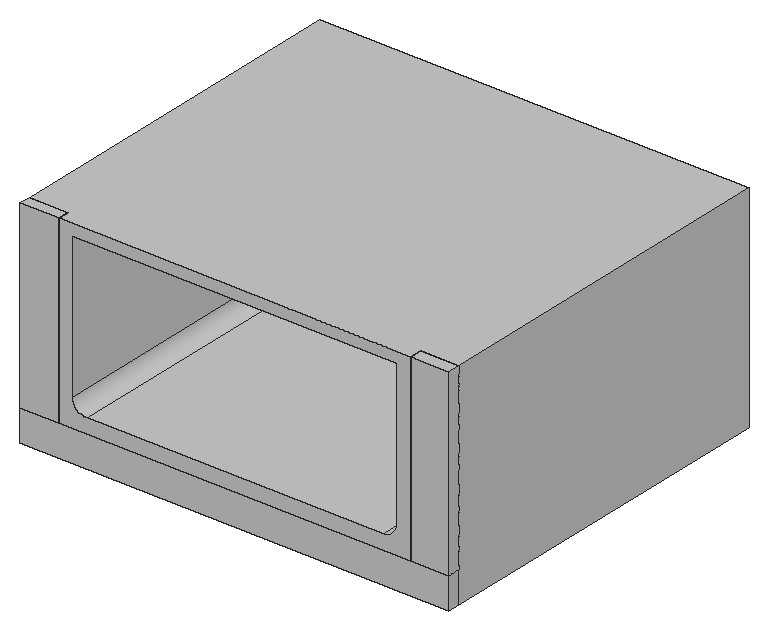
Revit family "QF_ELECTROLUXPROFESSIONAL_588573_MB1ACAIOOO", category Attrezzature speciali, Revit 2020
Family settings
  Quota connettore circolare = Usa diametro
  Tipo di parte = Normale
  Basato su piano di lavoro = No
  Sempre verticale = Sì
  Taglio con vuoti quando caricato = No
  Condiviso = No
  Punto di calcolo locali = No
Parameters (values of type "Standard")
  Weight = 22.00 kg
  Watts = 0 W
  Volts = 0 V
  URL Manufacturer = "https://www.electroluxprofessional.com/"
  URL = "https://www.electroluxprofessional.com/"
  Steam Supply Size = 0"
  Steam Supply Minimum Pressure = 0.00 psi
  Steam Supply Maximum Pressure = 0.00 psi
  Steam Consumption per Hour = 0
  Refrigeration Suction Line Size = 0 mm
  Refrigeration Liquid Line Size = 0 mm
  Refrigerant Compressor Remote = yes
  Prospetto di default = 0 mm
  Phase = 0
  Modello = "MB1ACAIOOO"
  Produttore = "Electrolux Professional"
  Length Actual = 900 mm  # constant formula
  Item Number = "588573"
  Hot Water Size = 0"
  Height Actual = 450 mm  # constant formula
  HP = "0 HP"
  Gas Size = 0"
  Gas KW = 0
  Gas Input Pressure = 0.0 Btu/h
  Direct Waste Size = 0"
  Descrizione = "OPEN BASE,1-SIDE,H2-900X850X450H"
  Depth Actual = 850 mm  # constant formula
  Cycle = 0 Hz
  Condensate Return Size = 0"
  Compressed Air Volume = 0 GPM
  Compressed Air Size = 0"
  Compressed Air Pressure = 0.00 psi
  Cold Water Size = 0"
  Accessory = yes
Reference planes
  plane 1 "BACK": y = 0
  plane 2: z = 0
  plane 3 "LEFT": x = 0
  plane 4 "RIGHT": x = 900
  plane 5 "FRONT": y = -850
  plane 6 "PLAIN": z = 900
  plane 7 "Center (Left/Right)": x = 450
  plane 8 "Center (Front/Back)": y = -425
  plane 9 "TOP": z = 650
  plane 10 "BASE": z = 200
  plane 11: x = 822
  plane 12: x = 78
  plane 13 "Feet_back": y = -150
  plane 14 "Feet_Front": y = -720
  plane 15: x = 80
  plane 16: x = 820
  plane 17: z = 265
  plane 18: y = -45
  plane 19: y = -805
  plane 20: y = -70
  plane 21: y = -830
Forms (mm)
  Extrusion 1, solid, material "QF_Finishes_Stainless Steel"
    sketch origin (0, 0, 650) x (0, 1, 0) y (0, 0, 1)
      loop
        line (-45, -450) -> (-45, 0) -> (-805, 0) -> (-805, -450) -> (-45, -450)
    from 0 to 900
  Extrusion 2, solid, material "QF_Finishes_Stainless Steel"
    sketch origin (0, 0, 650) x (0, 1, 0) y (0, 0, 1)
      loop
        line (-830, -450) -> (-805, -450) -> (-805, -385) -> (-830, -385) -> (-830, -450)
    from 0 to 900
  Extrusion 3, void
    sketch origin (0, -850, 0) x (1, 0, 0) y (0, 0, 1)
      loop
        line (80, 650) -> (80, 265) -> (820, 265) -> (820, 650) -> (80, 650)
    from 0 to -780
  Extrusion 4, solid, material "QF_Finishes_Stainless Steel"
    sketch origin (0, -850, 0) x (1, 0, 0) y (0, 0, 1)
      loop
        line (110, 650) -> (110, 627) -> (790, 627) -> (790, 650) -> (110, 650)
    from -20 to -805
  Extrusion 5, solid, material "QF_Finishes_Stainless Steel"
    sketch origin (0, -850, 0) x (1, 0, 0) y (0, 0, 1)
      loop
        line (80, 650) -> (80, 265) -> (820, 265) -> (820, 650) -> (790, 650) -> (790, 325)
        arc (790, 325) -> (781.213, 303.787) -> (760, 295) r 30
        line (760, 295) -> (140, 295)
        arc (140, 295) -> (118.787, 303.787) -> (110, 325) r 30
        line (110, 325) -> (110, 650) -> (80, 650)
    from -20 to -780
  Extrusion 6, solid, material "QF_Finishes_Stainless Steel"
    sketch origin (0, -850, 0) x (1, 0, 0) y (0, 0, 1)
      loop
        line (0, 650) -> (0, 265) -> (80, 265) -> (80, 650) -> (0, 650)
    from -20 to -45
  Extrusion 7, solid, material "QF_Finishes_Stainless Steel"
    sketch origin (0, -850, 0) x (1, 0, 0) y (0, 0, 1)
      loop
        line (820, 650) -> (820, 265) -> (900, 265) -> (900, 650) -> (820, 650)
    from -20 to -45
Cuts and joins
  Extrusion 3 cuts Extrusion 1
  joined: Extrusion 1, Extrusion 4, Extrusion 5
Lines and regions (mm)
  symbolic lines, style "SpecialityEquipmentHiddenLines"
    curve 1: line (0, 0, 0) -> (900, 0, 0)
    curve 2: line (0, -850, 0) -> (0, 0, 0)
    curve 3: line (900, -850, 0) -> (0, -850, 0)
    curve 4: line (900, 0, 0) -> (900, -850, 0)
Dimensions and locks
  plane 3 "LEFT" to plane 4 "RIGHT" = 900 mm
  plane 5 "FRONT" to plane 1 "BACK" = 850 mm
  equal spacing: plane 3 "LEFT", plane 7 "Center (Left/Right)", plane 4 "RIGHT"
  equal spacing: plane 5 "FRONT", plane 8 "Center (Front/Back)", plane 1 "BACK"
  plane 6 "PLAIN" to plane 9 "TOP" = 250 mm
  plane 10 "BASE" to level = 200 mm
  plane 9 "TOP" to plane 10 "BASE" = 450 mm
  locked: plane 1 "BACK" to plane 13 "Feet_back" at 150
  locked: plane 14 "Feet_Front" to plane 5 "FRONT" at 130
  locked: plane 12 to plane 3 "LEFT" at 78
  locked: plane 11 to plane 4 "RIGHT" at 78
  plane 16 to plane 15 = 740 mm
  equal spacing: plane 16, plane 7 "Center (Left/Right)", plane 15
  locked: plane 17 to plane 10 "BASE" at 65
  locked: plane 1 "BACK" to plane 18 at 45
  plane 9 "TOP" to Extrusion 4 sketch curve = 23 mm
  locked: Extrusion 4 sketch curve to plane 15 at 30
  locked: plane 16 to Extrusion 4 sketch curve at 30
  locked: Extrusion 5 sketch curve to plane 17 at 30
  plane 6 "PLAIN" to level = 900 mm
  Extrusion 5 to Extrusion 5 = 680 mm
  locked: plane 18 to plane 20 at 25
  locked: plane 21 to plane 5 "FRONT" at 20
  locked: plane 19 to plane 21 at 25
  plane 18 to plane 21 = 785 mm
  aligned and locked: level to plane 2
  aligned and locked: Extrusion 1 to plane 4 "RIGHT"
  aligned and locked: Extrusion 1 to plane 3 "LEFT"
  aligned and locked: Extrusion 2 to plane 4 "RIGHT"
  aligned and locked: plane 9 "TOP" to Extrusion 3 sketch curve
  aligned and locked: Extrusion 3 sketch curve to plane 15
  aligned and locked: plane 16 to Extrusion 3 sketch curve
  aligned and locked: Extrusion 2 to plane 10 "BASE"
  aligned and locked: Extrusion 2 to plane 17
  aligned and locked: plane 17 to Extrusion 3 sketch curve
  aligned and locked: Extrusion 4 to plane 18
  aligned and locked: Extrusion 5 sketch curve to plane 15
  aligned and locked: plane 16 to Extrusion 5 sketch curve
  aligned and locked: plane 9 "TOP" to Extrusion 5 sketch curve  (x2)
  aligned and locked: plane 17 to Extrusion 5 sketch curve
  aligned and locked: Extrusion 5 sketch curve to Extrusion 4  (x2)
  aligned and locked: Extrusion 6 sketch curve to plane 9 "TOP"
  aligned and locked: plane 3 "LEFT" to Extrusion 6 sketch curve
  aligned and locked: Extrusion 6 sketch curve to plane 17
  aligned and locked: Extrusion 6 sketch curve to plane 15
  aligned and locked: Extrusion 7 sketch curve to plane 9 "TOP"
  aligned and locked: plane 16 to Extrusion 7 sketch curve
  aligned and locked: Extrusion 7 sketch curve to plane 17
  aligned and locked: plane 4 "RIGHT" to Extrusion 7 sketch curve
  aligned and locked: Extrusion 5 to plane 20
  aligned and locked: cut or joined group of Extrusion 1, Extrusion 3, Extrusion 4, Extrusion 5 to plane 20
  aligned and locked: cut or joined group of Extrusion 1, Extrusion 3, Extrusion 4, Extrusion 5 to plane 18
  aligned and locked: Extrusion 6 to plane 19
  aligned and locked: plane 21 to Extrusion 6
  aligned and locked: plane 21 to Extrusion 5
  aligned and locked: plane 21 to Extrusion 7
  aligned and locked: Extrusion 7 to plane 19
  aligned and locked: Extrusion 2 to plane 19
  aligned and locked: plane 21 to Extrusion 2
  aligned and locked: plane 21 to cut or joined group of Extrusion 1, Extrusion 3, Extrusion 4, Extrusion 5
Automatic sketch dimensions
  Extrusion 1 sketch curve to plane 10 "BASE" = 0 mm
  Extrusion 1 sketch curve to plane 9 "TOP" = 0 mm
  plane 1 "BACK" to Extrusion 1 sketch curve = 45 mm
  Extrusion 1 sketch curve to plane 5 "FRONT" = 45 mm
  Extrusion 2 sketch curve to plane 5 "FRONT" = 20 mm
  Extrusion 2 sketch curve to plane 9 "TOP" = 385 mm
  plane 10 "BASE" to Extrusion 2 sketch curve = 0 mm
  Extrusion 2 sketch curve to plane 5 "FRONT" = 45 mm
  Extrusion 4 sketch curve to plane 9 "TOP" = 0 mm
  Extrusion 5 sketch curve to Extrusion 5 sketch curve = 30 mm  (x2)
  curve 3 to plane 3 "LEFT" = 0 mm
  curve 3 to plane 4 "RIGHT" = 0 mm
  plane 5 "FRONT" to curve 3 = 0 mm
  plane 1 "BACK" to curve 2 = 0 mm
